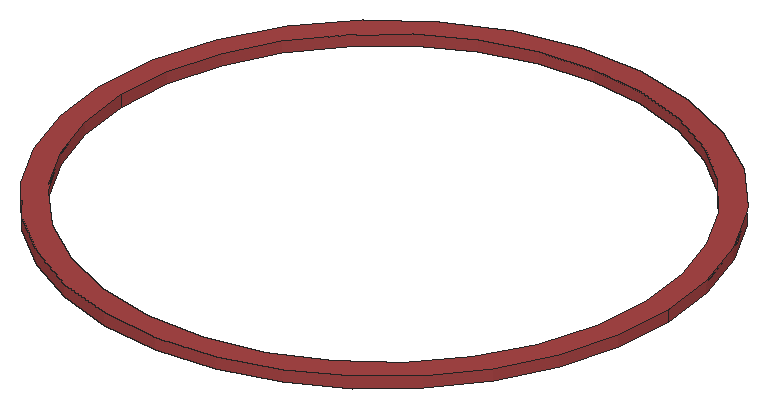
Revit family "Firestop-Putty-STI-Series_SSP_Floor", category Specialty Equipment, host Floor, Revit 2022
Family settings
  Host = Floor
  Round Connector Dimension = Use Diameter
  Part Type = Normal
  OmniClass Number = 23.20.50.14.11
  OmniClass Title = Penetrations Firestopping
  Always vertical = Yes
  Cut with Voids When Loaded = No
  Maintain Annotation Orientation = No
  Shared = No
  Room Calculation Point = No
Parameters
  URL = "http://www.stifirestop.com/"
  Type Comments = ""
  Tested Systems = "http://sti.fmpdata.net/system_search.html"
  Systems  (See "Tested Systems" for addtional) = ""
  Seal depth = 0' - 0 1/2"
  Product Page URL = "http://www.stifirestop.com/products/product-selector/ssp/"
  Product Documentation Link = "http://files.systems.stifirestop.com/4.%20Product%20Data%20Sheets/1.%20English/PDS_SSP%20Putty%20&%20Putty%20Pads.pdf"
  Pipe OD = 2' - 0"
  Open Diameter = Pipe OD + 0' 2"  # 2' - 2"
  Model = "Series SSP Putty"
  Manufacturer Phone No. = "800.992.1180"
  Manufacturer Fax No. = "908.526.9623"
  Manufacturer = "Specified Technologies Inc."
  Manufacture Address = "210 Evans Way, Somerville, NJ 08876"
  MSDS = "http://files.systems.stifirestop.com/5.%20Safety%20Data%20Sheet/1.%20English/SDS_SSP%20Putty%20&%20Putty%20Pads.pdf"
  Locate Distributor = "http://www.stifirestop.com/"
  Keynote = ""
  Guide Specification = "http://www.stifirestop.com/technical_library/specifications/"
  Green Building/LEED® Information = ""
  Firestopping-STI-Intumescent-red = STI Molded Intumescent
  Fire Rating = "Up to 4 Hr"
  Description = "SpecSeal® Series SSP Intumescent Firestop Putty"
  Default Elevation = 0' - 0"
  Contact Technical Service = "http://www.stifirestop.com/contact/"
  Contact Sales = "http://www.stifirestop.com/contact/"
  Color = "Red"
  Assembly Code = "D4030900"
Reference planes (in)
  plane 1 "Center (Front/Back)": y = 0
  plane 2: z = 0
  plane 3 "Center (Left/Right)": x = 0
  plane 4: x = -12
  plane 5: x = -13
  plane 6: x = 12
  plane 7: x = 13
  plane 8: z = -0.5
Forms (in)
  Extrusion 1, solid, material "STI Molded Intumescent" <- "Firestopping-STI-Intumescent-red"
    sketch origin (0, 0, 0) x (1, 0, 0) y (0, 1, 0)
      loop
        circle (0, 0) r 13
      loop
        circle (0, 0) r 12
    from -0.5 to 0
Lines and regions (in)
  Opening 1
    outline origin (60, 60, 0) x (0, 1, 0) y (-1, 0, 0)
      loop
        circle (-60, 60) r 13
Dimensions and locks (in)
  equal spacing: host sketch curve, plane 1 "Center (Front/Back)", host sketch curve
  equal spacing: host sketch curve, plane 3 "Center (Left/Right)", host sketch curve
  host sketch curve to host sketch curve = 10' - 0"  (x2)
  equal spacing: plane 4, plane 3 "Center (Left/Right)", plane 6
  "Pipe OD": plane 4 to plane 6
  level to host floor = 1' - 0"
  "Seal depth": level to plane 8
  equal spacing: plane 5, plane 3 "Center (Left/Right)", plane 7
  "Open Diameter": plane 5 to plane 7
  aligned and locked: level to plane 2
  aligned and locked: plane 5 to Opening 1 sketch curve
  aligned and locked: plane 7 to Opening 1 sketch curve
  aligned and locked: plane 4 to Extrusion 1 sketch curve
  aligned and locked: plane 6 to Extrusion 1 sketch curve
  aligned and locked: Extrusion 1 to plane 8
  aligned and locked: level to Extrusion 1
Automatic sketch dimensions
  plane 1 "Center (Front/Back)" to Opening 1 sketch curve = 0' - 0"
  Extrusion 1 sketch curve to Extrusion 1 sketch curve = 0' - 0"  (x2)
  plane 1 "Center (Front/Back)" to Extrusion 1 sketch curve = 0' - 0"
  Extrusion 1 sketch curve to plane 5 = 0' - 0"
